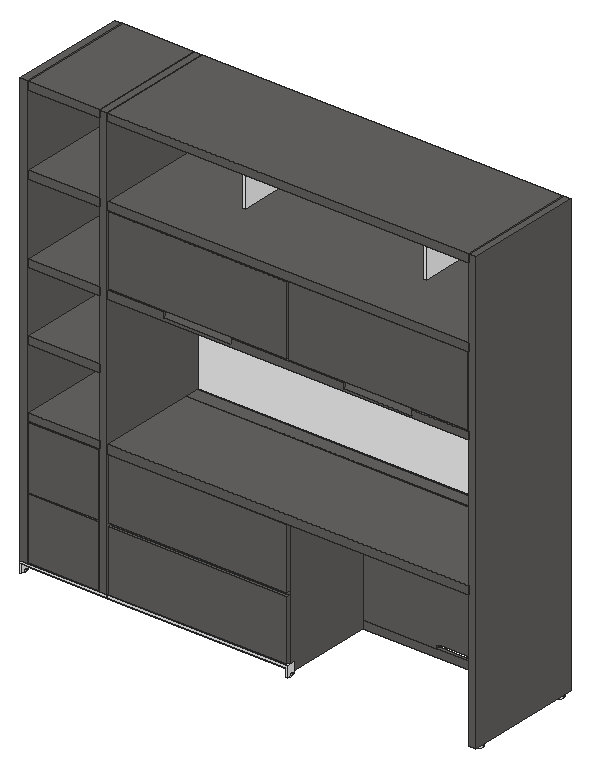
Revit family "Storage-Wall-Teknion-ZXLL_90_High_With_Lights-R2011", category Furniture Systems, Revit 2013
Parameters (values of type "(See Type Catalog)")
  Working Wall Finish [instance] = Glass - Teknion - K6 - White Backpainted
  Width = 92.642"
  Warranty = "http://www.teknionstudio.com/pdfs/Teknion%20Studio%20Warranty.pdf"
  Wall Unit Finish [instance] = Veneer - Teknion - P7 - Grey Oak
  Voltage = 120 V
  Unit Weight = 755.00 lbf
  URL = "www.teknionstudio.com"
  Tabletop Cutout Offset = if(Has Double Doors, 0", 4")  # 4"
  Storage Tower = Storage-Unit-Teknion-Tower : Upper Shelves & File/File Pedestal
  Series = "B&B Italia"
  Product Page URL = "http://www.teknionstudio.com/acexecutive/"
  Product Line = "AC Executive"
  Product Documentation Link = "http://www.teknionstudio.com/pricing/ac_executive_storage_walls_ppg.pdf"
  Power Factor = 1
  Part Number = "ZXLL"
  Number of Poles = 1
  Model = ""
  Manufacturer Phone = "919-464-2920"
  Manufacturer Fax = "919-464-2927"
  Manufacturer Email = "customersupport@teknionstudio.com"
  Manufacturer Address = "3940 US 70 Business HWY West, Clayton, NC 27520"
  Manufacturer = "Teknion Studio"  # constant formula
  Low Emitting Material = yes
  Low Emitting Finish = yes
  Height = 89 123/128"
  Has File File Drawers = not(Has Double Doors)  # yes
  Has Double Doors = no
  Description = ""
  Depth = 24"
  Assembly Code = "E2020200"
  Apparent Load = 22.8 VA
Reference planes (in)
  plane 1 "Center F/B": y = 0
  plane 2: z = 0
  plane 3 "Back": y = 12
  plane 4 "Front": y = -12
  plane 5 "Cabinets Top": z = 73.80469
  plane 6: x = 28.60446
  plane 7: z = 29.68402
  plane 8: z = 56.1289
  plane 9: x = -44.7815
  plane 10: z = 2.1289
  plane 11: x = -8.08858
  plane 12 "Foot Centerline": y = -11.2126
  plane 13 "Tabletop Cutout": y = -16
  plane 14 "Foot Centerline Front": y = -10.22835
  plane 15 "Foot Centerline Back": y = 10.22835
  plane 16: y = -8.484
  plane 17 "Left": x = -62.49817
  plane 18 "Right": x = 30.14383
  plane 19 "Center L/R": x = -16.17717
  plane 20 "Top": z = 89.96094
Forms (in)
  Sweep 1, solid, material "Veneer - Teknion - P7 - Grey Oak" <- "Wall Unit Finish"
    path origin (0, 0, 15.40683) x (-1, 0, 0) y (0, -1, 0)
      loop
        line (0, -12) -> (0, 12)
    profile origin (0, 0, 15.40683) x (1, 0, 0) y (0, 0, 1)
      loop
        line (30.14383, -14.81732) -> (30.14383, 74.55411) -> (28.60446, 74.55411) -> (28.60446, -14.81732) -> (30.14383, -14.81732)
  Sweep 2, solid, material "Metal - Teknion - C6 - Chrome"
    path origin (0, 0, 0) x (1, 0, 0) y (0, 0, 1)
      loop
        line (-8.08858, 0.05803) -> (-8.08858, 2.1289) -> (-44.7815, 2.1289)
    profile origin (-26.43504, 0, 2.1289) x (0, 0, -1) y (0, -1, 0)
      loop
        line (0, 12) -> (0, 10.4252) -> (0.394, 10.4252) -> (0.394, 12) -> (0, 12)
  Sweep 3, solid, material "Metal - Teknion - C6 - Chrome"
    path origin (0, 0, 0) x (1, 0, 0) y (0, 0, 1)
      loop
        line (-44.7815, 2.1289) -> (-8.08858, 2.1289)
    profile origin (-26.43504, 0, 2.1289) x (0, 0, 1) y (0, -1, 0)
      loop
        line (-0.394, 10.6222) -> (-1.5748, 10.6222) -> (-1.5748, 10.4252) -> (-0.394, 10.4252) -> (-0.394, 10.6222)
  Revolve 4, solid, material "Metal - Teknion - C6 - Chrome"
    sketch origin (0.39385, -11.2126, 0) x (0, 0, -1) y (1, 0, 0)
      loop
        line (-0.4911, -8.67943) -> (0, -8.67943) -> (0, -8.34479) -> (-0.03937, -8.30542) -> (-0.20618, -8.30542) -> (-0.24555, -8.34479) -> (-0.28492, -8.30542) -> (-0.45173, -8.30542) -> (-0.4911, -8.34479) -> (-0.4911, -8.67943)
      axis (0, -8.67943) -> (-0.4911, -8.67943)
    angle from 0 to 360
  Sweep 5, solid, material "Veneer - Teknion - P7 - Grey Oak" <- "Wall Unit Finish"
    path origin (0, 0, 0) x (1, 0, 0) y (0, 0, 1)
      loop
        line (-44.7815, 29.68402) -> (28.60446, 29.68402)
    profile origin (-8.08852, 0, 29.68402) x (0, 0, 1) y (0, -1, 0)
      loop
        line (0, 12) -> (-1.7638, 12) -> (-1.7638, -7.11393) -> (-5.30827, -7.11393) -> (-5.30827, -7.08268) -> (-27.55512, -7.08268) -> (-27.55512, -7.11393) -> (-29.0945, -7.11393) -> (-29.0945, -7.80668) -> (-5.30828, -7.80668) -> (-5.30828, -12) -> (44.12067, -12) -> (44.12067, 12) -> (42.58097, 12) -> (42.58097, 11.2126) -> (27.98392, 11.2126) -> (27.98392, 12) -> (26.44488, 12) -> (26.44488, -10.94094) -> (0, -10.94094) -> (0, -10.90969) -> (-0.72441, -10.90969) -> (-0.72441, -10.56693) -> (0, -10.56693) -> (0, -8.05709) -> (-0.72441, -8.05709) -> (-0.72441, -7.80709) -> (0, -7.80709) -> (0, 12)
      loop
        line (60.27692, -12) -> (60.27692, 12) -> (58.73755, 12) -> (58.73755, -12) -> (60.27692, -12)
  Sweep 6, solid, material "Veneer - Teknion - P7 - Grey Oak" <- "Wall Unit Finish"
    path origin (0, 0, 0) x (1, 0, 0) y (0, 0, 1)
      loop
        line (-44.7815, 29.68402) -> (-8.08858, 29.68402)
    profile origin (-26.43504, 0, 29.68402) x (0, 0, 1) y (0, -1, 0)
      loop
        line (-1.7638, 11.27559) -> (-27.55512, 11.27559) -> (-27.55512, 10.4252) -> (-29.0945, 10.4252) -> (-29.0945, -12) -> (-1.7638, -12) -> (-1.7638, 11.27559)
  Sweep 7, solid, material "Veneer - Teknion - P7 - Grey Oak" <- "Wall Unit Finish"
    path origin (0, 0, 15.40683) x (-1, 0, 0) y (0, -1, 0)
      loop
        line (16.17717, 12) -> (16.17717, 11.276)
    profile origin (-16.17717, -11.638, 15.40683) x (-1, 0, 0) y (0, 0, 1)
      loop
        line (28.35433, 42.50186) -> (28.35433, 56.60815) -> (-7.96358, 56.60815) -> (-7.96358, 42.50186) -> (28.35433, 42.50186)
      loop
        line (-8.21358, 56.60815) -> (-44.53163, 56.60815) -> (-44.53163, 42.50186) -> (-8.21358, 42.50186) -> (-8.21358, 56.60815)
  Sweep 8, solid, material "Veneer - Teknion - P7 - Grey Oak" <- "Wall Unit Finish", visible <- "Has Double Doors"
    path origin (0, 0, 15.40683) x (-1, 0, 0) y (0, -1, 0)
      loop
        line (16.17717, 12) -> (16.17717, 11.276)
    profile origin (-16.17717, -11.638, 15.40683) x (-1, 0, 0) y (0, 0, 1)
      loop
        line (-7.83845, 12.26339) -> (-7.83845, -13.03482) -> (10.15274, -13.03482) -> (10.15274, 12.26339) -> (-7.83845, 12.26339)
      loop
        line (10.40274, 12.26339) -> (10.40274, -13.03482) -> (28.35446, -13.03482) -> (28.35446, 12.26339) -> (10.40274, 12.26339)
  Sweep 9, solid, material "Veneer - Teknion - P7 - Grey Oak" <- "Wall Unit Finish", visible <- "Has File File Drawers"
    path origin (0, 0, 15.40683) x (-1, 0, 0) y (0, -1, 0)
      loop
        line (16.17717, 12) -> (16.17717, 11.276)
    profile origin (-16.17717, -11.638, 15.40683) x (-1, 0, 0) y (0, 0, 1)
      loop
        line (-7.83845, 12.26339) -> (-7.83845, 0.01144) -> (28.35446, 0.01144) -> (28.35446, 12.26339) -> (-7.83845, 12.26339)
      loop
        line (28.35446, -0.77597) -> (-7.83845, -0.77597) -> (-7.83845, -13.03482) -> (28.35446, -13.03482) -> (28.35446, -0.77597)
  Sweep 10, void
    path origin (0, 0, 0) x (1, 0, 0) y (0, 0, 1)
      loop
        line (-33.34466, 29.68402) -> (-19.56514, 29.68402)
    profile origin (-26.4549, 0, 29.68402) x (0, 0, 1) y (0, -1, 0)
      loop
        line (-1.7638, 16) -> (-1.7638, 15.52756) -> (-0.66143, 16) -> (-1.7638, 16)
  Sweep 11, void
    path origin (0, 0, 0) x (1, 0, 0) y (0, 0, 1)
      loop
        line (-33.3248, 56.1289) -> (-19.54528, 56.1289)
    profile origin (-26.43504, 0, 56.1289) x (0, 0, 1) y (0, -1, 0)
      loop
        line (1.53937, 12) -> (0.43699, 12) -> (1.53937, 11.52755) -> (1.53937, 12)
  Sweep 12, void
    path origin (0, 0, 0) x (1, 0, 0) y (0, 0, 1)
      loop
        line (3.36811, 56.1289) -> (17.14764, 56.1289)
    profile origin (10.25787, 0, 56.1289) x (0, 0, 1) y (0, -1, 0)
      loop
        line (1.53937, 11.52755) -> (1.53937, 12) -> (0.43699, 12) -> (1.53937, 11.52755)
  Sweep 13, void
    path origin (0, 0, 0) x (1, 0, 0) y (0, 1, 0)
      loop
        line (0, 7.80668) -> (0, 7.08268)
    profile origin (0, 7.44468, 0) x (1, 0, 0) y (0, 0, 1)
      loop
        line (6.83281, 24.37575) -> (6.83281, 23.51079)
        arc (6.83281, 23.51079) -> (7.06344, 22.95401) -> (7.62021, 22.72339) r 0.7874
        line (7.62021, 22.72339) -> (12.93517, 22.72339)
        arc (12.93517, 22.72339) -> (13.49195, 22.95401) -> (13.72257, 23.51079) r 0.7874
        line (13.72257, 23.51079) -> (13.72257, 24.37575) -> (6.83281, 24.37575)
      loop
        line (13.72257, 2.1289) -> (13.72257, 2.28638)
        arc (13.72257, 2.28638) -> (13.50348, 2.81532) -> (12.97454, 3.03441) r 0.74803
        line (12.97454, 3.03441) -> (7.58084, 3.03441)
        arc (7.58084, 3.03441) -> (7.0519, 2.81532) -> (6.83281, 2.28638) r 0.74803
        line (6.83281, 2.28638) -> (6.83281, 2.1289) -> (13.72257, 2.1289)
  Sweep 14, solid, material "Acrylic - Teknion - Clear"
    path origin (0.48659, 0, 36.8108) x (-1, 0, 0) y (0, -1, 0)
      loop
        line (16.66376, -11.25197) -> (16.66376, 0.16535)
    profile origin (-16.17717, 5.54331, 36.8108) x (1, 0, 0) y (0, 0, 1)
      loop
        line (-10.56841, 51.60058) -> (-10.56841, 36.99388) -> (-9.97392, 36.99388) -> (-9.97392, 51.60058) -> (-10.56841, 51.60058)
      loop
        line (26.15108, 51.60058) -> (26.15108, 36.99388) -> (26.74557, 36.99388) -> (26.74557, 51.60058) -> (26.15108, 51.60058)
  Revolve 15, solid, material "Metal - Teknion - C6 - Chrome"
    sketch origin (0, -10.22835, 0) x (0, 0, 1) y (1, 0, 0)
      loop
        line (0, 29.37415) -> (0, 28.63616) -> (0.23622, 28.63616) -> (0.23622, 29.09181) -> (0.58951, 29.09181) -> (0.58951, 29.37415) -> (0, 29.37415)
      axis (0.58951, 29.37415) -> (0, 29.37415)
    angle from 0 to 360
  Revolve 16, solid, material "Metal - Teknion - C6 - Chrome"
    sketch origin (0, 10.22835, 0) x (0, 0, 1) y (1, 0, 0)
      loop
        line (0, 29.37415) -> (0, 28.63616) -> (0.23622, 28.63616) -> (0.23622, 29.09181) -> (0.58951, 29.09181) -> (0.58951, 29.37415) -> (0, 29.37415)
      axis (0.58951, 29.37415) -> (0, 29.37415)
    angle from 0 to 360
Cuts and joins
  joined: Sweep 2, Sweep 3, Revolve 4
  Sweep 10, Sweep 11, Sweep 12, Sweep 13 cuts Sweep 5
  joined: Sweep 5, Sweep 6
Lines and regions (in)
  Masking region 1
    outline origin (0, 0, 15.40683) x (-1, 0, 0) y (0, -1, 0)
      loop
        line (44.7815, -12) -> (44.7815, 12) -> (-30.14383, 12) -> (-30.14383, -12) -> (44.7815, -12)
  symbolic lines, style "Elevation Swing"
    curve 1: line (-44.7815, -12, 57.66827) -> (-26.43504, -12, 72.01499)
    curve 2: line (-8.08858, -12, 57.66832) -> (-26.43504, -12, 72.01499)
    curve 3: line (-8.08858, 0, 57.66832) -> (10.25794, 0, 72.18658)
    curve 4: line (10.25794, 0, 72.18658) -> (28.60446, 0, 57.66827)
  symbolic lines, style "Elevation Swing", visible <- "Has Double Doors"
    curve 5: line (-26.5799, 0, 27.67022) -> (-44.53163, 0, 15.02111)
    curve 6: line (-44.53163, 0, 15.02111) -> (-26.5799, 0, 2.37201)
    curve 14: line (-26.3299, 0, 2.37201) -> (-8.33872, 0, 15.02111)
    curve 15: line (-26.3299, 0, 27.67022) -> (-8.33872, 0, 15.02111)
  symbolic lines, detail levels medium+fine
    curve 7: line (28.60446, 12, 15.40683) -> (28.60446, -12, 15.40683)
  symbolic lines, style "FurnitureSystemsHiddenLines", detail levels fine
    curve 8: line (-8.08858, -11.276, 15.40683) -> (-44.7815, -11.276, 15.40683)
    curve 13: line (-8.08858, 12, 15.40683) -> (-8.08858, -12, 15.40683)
  symbolic lines, visible <- "Has Double Doors"
    curve 9: arc (-26.43497, -12, 15.40683) -> (-21.06144, -24.97286, 15.40683) -> (-8.08858, -30.34639, 15.40683) r 18.34639
    curve 10: line (-44.7815, -12, 15.40683) -> (-44.7815, -30.34652, 15.40683)
    curve 11: line (-8.08858, -12, 15.40683) -> (-8.08858, -30.34639, 15.40683)
    curve 12: arc (-44.7815, -30.34652, 15.40683) -> (-31.80854, -24.97295, 15.40683) -> (-26.43497, -12, 15.40683) r 18.34652
Dimensions and locks (in)
  plane 17 "Left" to plane 18 "Right" = 92.642"
  equal spacing: plane 3 "Back", plane 1 "Center F/B", plane 4 "Front"
  "Depth": plane 3 "Back" to plane 4 "Front"
  "Height": plane 20 "Top" to plane 2
  locked: plane 7 to plane 2 at 29.68402
  locked: plane 8 to plane 7 at 26.44488
  locked: plane 10 to plane 2 at 2.1289
  locked: plane 10 to Sweep 3 sketch curve at 0.394
  locked: Sweep 3 sketch curve to Sweep 3 sketch curve at 1.1808
  plane 4 "Front" to Sweep 3 sketch curve to Sweep 3 sketch curve = 1.3778" locked, 0.197" locked
  locked: plane 4 "Front" to plane 12 "Foot Centerline" at 0.7874
  locked: plane 10 to Sweep 5 sketch curve at 1.53939
  locked: plane 7 to Sweep 5 sketch curve at 1.7638
  Sweep 6 sketch curve to Sweep 6 sketch curve to plane 3 "Back" = 23.27559", 0"
  locked: plane 7 to Sweep 6 sketch curve at 1.7638
  locked: plane 4 "Front" to Sweep 6 sketch curve at 1.5748
  locked: plane 4 "Front" to Sweep 7 sketch curve at 0.724
  plane 5 "Cabinets Top" to Sweep 7 sketch curve to Sweep 7 sketch curve = 1.7897" locked, 14.1063" locked  (x2)
  Sweep 7 sketch curve to Sweep 7 sketch curve to Sweep 7 sketch curve to Sweep 7 sketch curve = 36.31805", 1/4", 36.31791"
  locked: plane 4 "Front" to Sweep 8 sketch curve at 0.724
  locked: plane 4 "Front" to Sweep 9 sketch curve at 0.724
  locked: Sweep 10 sketch curve to Sweep 10 sketch curve at 13.77953
  locked: plane 7 to Sweep 10 sketch curve at 1.7638
  locked: plane 13 "Tabletop Cutout" to Sweep 10 sketch curve at 0.47244
  "Tabletop Cutout Offset": plane 13 "Tabletop Cutout" to plane 4 "Front"
  locked: Sweep 11 sketch curve to Sweep 11 sketch curve at 13.77953
  locked: Sweep 11 sketch curve to plane 8 at 1.53937
  locked: Sweep 11 sketch curve to plane 8 at 0.43699
  locked: plane 4 "Front" to Sweep 11 sketch curve at 0.47245
  Sweep 12 sketch curve to Sweep 12 sketch curve to plane 8 = 1.10238" locked, 0.43699" locked
  locked: plane 4 "Front" to Sweep 12 sketch curve at 0.47245
  plane 3 "Back" to Sweep 13 sketch curve to Sweep 13 sketch curve = 4.19332" locked, 0.724" locked
  equal spacing: plane 11, curve 2, plane 9
  equal spacing: plane 6, curve 4, plane 11
  locked: plane 4 "Front" to curve 8 at 0.724
  locked: plane 3 "Back" to plane 15 "Foot Centerline Back" at 1.77165
  locked: plane 4 "Front" to plane 14 "Foot Centerline Front" at 1.77165
  locked: plane 4 "Front" to plane 16 at 3.516
  locked: plane 17 "Left" to plane 9 at 17.71667
  locked: Sweep 8 sketch curve to Sweep 8 sketch curve at 25.29821  (x2)
  Sweep 8 sketch curve to Sweep 8 sketch curve to Sweep 8 sketch curve to Sweep 8 sketch curve = 17.95173" locked, 1/4" locked, 17.99118" locked
  Sweep 9 sketch curve to Sweep 9 sketch curve to Sweep 9 sketch curve to Sweep 9 sketch curve = 12.25195" locked, 0.7874" locked, 12.25886" locked
  locked: Sweep 9 sketch curve to Sweep 9 sketch curve at 36.19291  (x2)
  curve 10 to curve 12 to plane 6 = 18.34652", 55.03944"
  locked: Sweep 13 sketch curve to Sweep 13 sketch curve at 6.88976  (x2)
  locked: Sweep 13 sketch curve to Sweep 13 sketch curve at 1.65236
  locked: Sweep 2 sketch curve to plane 2 at 0.05803
  locked: Sweep 1 sketch curve to plane 6 at 1.53937
  locked: plane 11 to Sweep 11 sketch curve at 11.45669
  Sweep 12 sketch curve to Sweep 12 sketch curve to plane 11 = 13.77953" locked, 11.45669" locked
  locked: Sweep 9 sketch curve to plane 11 at 0.25013
  locked: plane 7 to Sweep 9 sketch curve at 2.0138
  locked: plane 7 to Sweep 8 sketch curve at 2.0138  (x2)
  locked: plane 6 to plane 18 "Right" at 1.53937
  equal spacing: plane 17 "Left", plane 19 "Center L/R", plane 18 "Right"
  locked: plane 19 "Center L/R" to plane 11 at 8.08858
  locked: Sweep 7 sketch curve to plane 6 at 0.25
  plane 20 "Top" to plane 5 "Cabinets Top" = 16 5/32"
  locked: Sweep 14 sketch curve to Sweep 14 sketch curve at 11.41732
  locked: Sweep 14 sketch curve to Sweep 14 sketch curve at 0.59449  (x2)
  locked: plane 3 "Back" to Sweep 14 sketch curve at 0.74803
  locked: Sweep 14 sketch curve to plane 11 at 18.0625
  locked: Sweep 14 sketch curve to plane 5 "Cabinets Top" at 14.60669  (x2)
  locked: plane 20 "Top" to Sweep 5 sketch curve at 1.53937
  locked: plane 5 "Cabinets Top" to Sweep 5 sketch curve at 1.5397
  locked: Sweep 5 sketch curve to plane 8 at 1.53904
  equal spacing: Sweep 14 sketch curve, plane 11, Sweep 14 sketch curve
  locked: plane 10 to Sweep 2 sketch curve at 0.394
  locked: plane 4 "Front" to Sweep 2 sketch curve at 1.5748
  Revolve 4 sketch curve to Revolve 4 sketch curve to Revolve 4 sketch curve to Revolve 4 sketch curve to Revolve 4 sketch curve to Revolve 4 sketch curve to plane 2 = 0.03937" locked, 0.16681" locked, 0.03937" locked, 0.03937" locked, 0.16681" locked, 0.03937" locked
  locked: plane 11 to Revolve 4 sketch curve at 0.197
  locked: Revolve 4 sketch curve to plane 11 at 0.17702
  locked: plane 11 to Sweep 10 sketch curve at 11.47655
  locked: Sweep 13 sketch curve to plane 10 at 0.90551
  locked: plane 7 to Sweep 13 sketch curve at 5.30827
  locked: Sweep 13 sketch curve to plane 6 at 14.88189
  locked: plane 6 to Sweep 13 sketch curve at 14.88189
  locked: plane 11 to Sweep 9 sketch curve at 0.25013
  locked: plane 18 "Right" to Revolve 15 sketch curve at 0.76969
  plane 18 "Right" to Revolve 15 sketch curve to Revolve 15 sketch curve = 0.76969" locked, 0.28234" locked
  Revolve 15 sketch curve to Revolve 15 sketch curve to plane 2 = 0.35329" locked, 0.23622" locked
  locked: plane 18 "Right" to Revolve 16 sketch curve at 0.76969
  plane 18 "Right" to Revolve 16 sketch curve to Revolve 16 sketch curve = 1.05203" locked, 0.45565" locked
  Revolve 16 sketch curve to Revolve 16 sketch curve to plane 2 = 0.35329" locked, 0.23622" locked
  aligned and locked: level to plane 2
  aligned and locked: plane 3 "Back" to Sweep 1 sketch curve
  aligned and locked: plane 4 "Front" to Sweep 1 sketch curve
  aligned and locked: Sweep 2 sketch curve to plane 10
  aligned and locked: plane 10 to Sweep 2 sketch curve
  aligned and locked: Sweep 2 sketch curve to plane 4 "Front"
  aligned and locked: Sweep 3 sketch curve to plane 10
  aligned and locked: plane 9 to Sweep 5 sketch curve
  aligned and locked: plane 6 to Sweep 5 sketch curve
  aligned and locked: Sweep 5 sketch curve to plane 7  (x4)
  aligned and locked: Sweep 5 sketch curve to plane 4 "Front"  (x2)
  aligned and locked: plane 3 "Back" to Sweep 5 sketch curve  (x2)
  aligned and locked: Sweep 6 sketch curve to plane 7
  aligned and locked: plane 10 to Sweep 6 sketch curve
  aligned and locked: plane 4 "Front" to Sweep 7 sketch curve
  aligned and locked: Sweep 5 sketch curve to plane 8
  aligned and locked: plane 4 "Front" to Sweep 8 sketch curve
  aligned and locked: plane 4 "Front" to Sweep 9 sketch curve
  aligned and locked: Sweep 10 sketch curve to plane 7
  aligned and locked: plane 13 "Tabletop Cutout" to Sweep 10 sketch curve
  aligned and locked: Sweep 11 sketch curve to plane 8
  aligned and locked: Sweep 12 sketch curve to plane 8
  aligned and locked: Sweep 12 sketch curve to plane 4 "Front"
  aligned and locked: plane 9 to curve 1
  aligned and locked: plane 11 to curve 2
  aligned and locked: Sweep 7 to curve 2
  aligned and locked: plane 6 to curve 4
  aligned and locked: Masking region 1 sketch curve to plane 3 "Back"
  aligned and locked: Masking region 1 sketch curve to plane 4 "Front"
  aligned and locked: plane 3 "Back" to curve 7
  aligned and locked: plane 3 "Back" to curve 13
  aligned and locked: plane 4 "Front" to curve 13
  aligned and locked: plane 4 "Front" to Sweep 11 sketch curve
  aligned and locked: Sweep 5 sketch curve to plane 5 "Cabinets Top"
  aligned and locked: plane 12 "Foot Centerline" to Sweep 5 sketch curve
  aligned and locked: plane 4 "Front" to Sweep 5 sketch curve  (x2)
  aligned and locked: plane 4 "Front" to curve 12
  aligned: plane 8 to nested 1
  aligned: plane 11 to nested 1
  aligned and locked: nested 1 to plane 16
  aligned and locked: plane 8 to nested 1
  aligned and locked: plane 11 to nested 1
  aligned and locked: Sweep 2 sketch curve to plane 11
  aligned and locked: Sweep 1 sketch curve to plane 6
  aligned and locked: plane 10 to Sweep 13 sketch curve
  aligned and locked: Masking region 1 sketch curve to plane 18 "Right"
  aligned and locked: plane 9 to Masking region 1 sketch curve
  aligned and locked: Sweep 8 sketch curve to plane 19 "Center L/R"
  aligned and locked: plane 1 "Center F/B" to Sweep 6 sketch curve
  aligned: plane 11 to Sweep 6 sketch curve
  aligned: plane 6 to Sweep 6 sketch curve
  aligned and locked: Sweep 9 sketch curve to plane 19 "Center L/R"
  aligned and locked: Sweep 7 sketch curve to plane 19 "Center L/R"
  aligned and locked: nested 2 to plane 2
  aligned and locked: curve 6 to Sweep 8
  aligned and locked: Sweep 8 to curve 5
  aligned and locked: Sweep 8 to Sweep 8
  aligned and locked: Sweep 8 to curve 6
  aligned and locked: plane 9 to nested 2
  aligned and locked: nested 2 to plane 1 "Center F/B"
  aligned and locked: plane 19 "Center L/R" to Sweep 14 sketch curve
  aligned and locked: plane 5 "Cabinets Top" to Sweep 14 sketch curve  (x2)
  aligned and locked: Sweep 5 sketch curve to plane 20 "Top"
  aligned and locked: plane 20 "Top" to Sweep 1 sketch curve
  aligned and locked: plane 9 to Sweep 2 sketch curve
  aligned and locked: Revolve 4 sketch curve to Revolve 4 sketch curve
  aligned and locked: plane 2 to Revolve 4 sketch curve
  aligned and locked: plane 9 to Sweep 3 sketch curve
  aligned and locked: plane 11 to Sweep 3 sketch curve
  aligned and locked: plane 9 to Sweep 6 sketch curve
  aligned and locked: plane 11 to Sweep 6 sketch curve
  aligned and locked: Sweep 8 to curve 14
  aligned and locked: cut or joined group of Sweep 5, Sweep 6, Sweep 10, Sweep 11, Sweep 12, Sweep 13 to Sweep 1 sketch curve
  aligned and locked: plane 2 to Revolve 16 sketch curve
  aligned and locked: curve 11 to plane 11
  aligned and locked: curve 7 to plane 6
  aligned and locked: plane 4 "Front" to curve 7
Automatic sketch dimensions
  Sweep 6 sketch curve to plane 11 = 36.69291"
  Sweep 6 sketch curve to plane 6 = 36.69305"
  profile plane to Sweep 10 sketch curve = 0.66143"
  profile plane to Sweep 8 sketch curve = 7.83845"
  curve 3 to plane 11 = 0"
  plane 10 to curve 14 = 0.24311"
  curve 6 to curve 14 = 1/4"
  curve 15 to plane 7 = 2.0138"
  curve 5 to curve 15 = 1/4"
  plane 10 to curve 6 = 0.24311"
  plane 10 to curve 14 = 12.89222"
  plane 10 to curve 6 = 12.89222"
  curve 5 to curve 15 = 0"
  plane 8 to curve 4 = 1.53937"
  plane 8 to curve 3 = 1.53942"
  curve 3 to plane 5 "Cabinets Top" = 1.61811"
  plane 8 to curve 2 = 1.53942"
  plane 8 to curve 1 = 1.53937"
  plane 11 to Sweep 1 sketch curve = 8.08858"
  Revolve 4 sketch curve to level = 0"
  Revolve 4 sketch curve to Revolve 4 sketch curve = 0.4777"
  Revolve 4 sketch curve to Revolve 4 sketch curve = 0.03937"  (x3)
  Sweep 5 sketch curve to Sweep 5 sketch curve = 1.53939"
  Sweep 5 sketch curve to Sweep 5 sketch curve = 3.54449"
  Sweep 5 sketch curve to Sweep 5 sketch curve = 0"
  profile plane to Sweep 5 sketch curve = 0.72441"  (x2)
  Sweep 5 sketch curve to plane 1 "Center F/B" = 10.94094"
  Sweep 5 sketch curve to Sweep 5 sketch curve = 1/32"  (x2)
  Sweep 5 sketch curve to Sweep 5 sketch curve = 0.34277"
  Sweep 5 sketch curve to Sweep 5 sketch curve = 2.50984"
  Sweep 5 sketch curve to Sweep 5 sketch curve = 1/4"
  Sweep 5 sketch curve to Sweep 5 sketch curve = 4.19332"
  Sweep 5 sketch curve to Sweep 5 sketch curve = 0.69316"
  Sweep 5 sketch curve to Sweep 5 sketch curve = 0.69275"
  Sweep 6 sketch curve to Sweep 6 sketch curve = 1.53939"
  plane 11 to Sweep 13 sketch curve = 8.08858"
  Sweep 13 sketch curve to Sweep 13 sketch curve = 0.74803"  (x2)
  Sweep 13 sketch curve to Sweep 13 sketch curve = 0.7874"  (x2)
  Revolve 15 sketch curve to level = 0"
  Revolve 15 sketch curve to level = 0.14033"
  Revolve 15 sketch curve to Revolve 15 sketch curve = 0.17201"
  plane 6 to Revolve 15 sketch curve = 0.03169"
  Revolve 16 sketch curve to level = 0.60556"
  Revolve 16 sketch curve to Revolve 16 sketch curve = 0.7057"
  Revolve 16 sketch curve to Revolve 16 sketch curve = 0"
  plane 4 "Front" to curve 10 = 0"
  curve 9 to curve 12 = 0"
  curve 8 to plane 9 = 0"
Nested families (in)
  nested 1: "Lighting-Teknion-Storage_Wall" at (-8.08858, 0.12401, 56.1289), type "Lighting-Teknion-Storage_Wall"
  nested 2: "Storage-Unit-Teknion-Tower" at (-53.63976, 0, 0) x (-1, 0, 0) z (0, 0, 1), type <- "Storage Tower", Height <- "Height", type "Upper Shelves & File/File Pedestal"
    with Height 89 123/128", Has Top Shelf yes, Bottom Drawer Height 13.047"
Connectors (in)
  electrical at (-8.08854, 12, 32.92331), driven by "Number of Poles", driven by "Voltage", driven by "Apparent Load", driven by "Power Factor"
    settings: on cut or joined group of Sweep 5, Sweep 6, Sweep 10, Sweep 11, Sweep 12, Sweep 13, index 1, voltage 120 V, apparent load 0 VA, apparent load phase1 22.8 VA, apparent load phase2 0 VA, apparent load phase3 0 VA, power factor 1, load classification "Other", number of poles 1, system type 31, power factor state 1, is connector primary yes, connector utility no, sub classification motor no, connector description "Electrical Connector"
Definition of nested family "Lighting-Teknion-Storage_Wall"
  Parameters (values of type "Lighting-Teknion-Storage_Wall")
    Wattage = 4.03926 W
    built-in parameter 1150110 = 1 (stored number, unit not read)
    built-in parameter 1114217 = 1 (stored number, unit not read)
    built-in parameter 1150109 = 1 (stored number, unit not read)
    built-in parameter 1150134 = 1
    built-in parameter 1150113 = 1 (stored number, unit not read)
    Offset From Reference Level = 0"
    Lumens = 600 lm
    built-in parameter 1150115 = 1 (stored number, unit not read)
    built-in parameter 1150105 = 190.99 (stored number, unit not read)
    Light Source Symbol Size = 3"
    built-in parameter 1150137 = (empty or 0)
    built-in parameter 1150139 = (empty or 0)
    built-in parameter 1150112 = 1 (stored number, unit not read)
    built-in parameter 1150114 = 1 (stored number, unit not read)
    built-in parameter 1150132 = 2
    built-in parameter 1150102 = (empty or 0)
    built-in parameter 1150138 = (empty or 0)
    built-in parameter 1150107 = 6500 (stored number, unit not read)
    built-in parameter 1150106 = 1.9099 (stored number, unit not read)
    Emit from Line Length = 68"
    built-in parameter 1150104 = 13.8 (stored number, unit not read)
    Dimming Lamp Color Temperature Shift = 1
    Default Elevation = 48"
    Color Filter = 16776172
    built-in parameter 1114218 = 1 (stored number, unit not read)
    built-in parameter 1150133 = 10 (stored number, unit not read)
    Assembly Code = ""
  Reference planes (in)
    plane 1 "Light Source Axis (F/B)": y = -8.60801
    plane 2: z = 0
    plane 3 "Light Source Axis (L/R)": x = 0
    plane 4 "Light Source Elevation": z = 0
    plane 5: z = 0
    plane 6: x = -36.6875
    plane 7: x = 36.6875
  Forms (in)
    Sweep 1, solid, material "Glass - Teknion - CL - Clear"
      path origin (0, 0, 0) x (1, 0, 0) y (0, 1, 0)
        loop
          line (-36.6875, -8.60801) -> (36.6875, -8.60801)
      profile origin (0, -8.60801, 0) x (0, 1, 0) y (0, 0, 1)
        loop
          line (-0.51562, 0) -> (-0.51562, -0.40625) -> (0.51563, -0.40625) -> (0.51563, 0) -> (-0.51562, 0)
  Dimensions and locks (in)
    equal spacing: plane 7, plane 3 "Light Source Axis (L/R)", plane 6
    locked: plane 7 to plane 6 at 73.375
    locked: plane 5 to Sweep 1 sketch curve at 0.40625
    equal spacing: Sweep 1 sketch curve, plane 1 "Light Source Axis (F/B)", Sweep 1 sketch curve
    locked: Sweep 1 sketch curve to Sweep 1 sketch curve at 1.03125
    aligned and locked: plane 3 "Light Source Axis (L/R)" to imposter light
    aligned and locked: plane 1 "Light Source Axis (F/B)" to imposter light
    aligned and locked: plane 4 "Light Source Elevation" to imposter light
    aligned and locked: level to plane 5
    aligned and locked: plane 5 to plane 2
    aligned and locked: plane 6 to Sweep 1 sketch curve
    aligned and locked: plane 7 to Sweep 1 sketch curve
    aligned and locked: plane 1 "Light Source Axis (F/B)" to Sweep 1 sketch curve
    aligned and locked: Sweep 1 sketch curve to profile plane
Definition of nested family "Storage-Unit-Teknion-Tower"
  Parameters (values of type "Upper Wardrobe & Lower Door")
    Width = 17.71654"
    Warranty = "http://www.teknionstudio.com/pdfs/Teknion%20Studio%20Warranty.pdf"
    Wall Unit Finish = Veneer - Teknion - P8 - Light Brushed Oak
    URL = "www.teknionstudio.com"
    Series = "B&B Italia"
    Product Line = "AC Executive"
    Model = ""
    Middle Drawer Height = if(Has Top Drawer, 6.425", 12.719")  # 12.719"
    Manufacturer Phone = "919-464-2920"
    Manufacturer Fax = "919-464-2927"
    Manufacturer Email = "customersupport@teknionstudio.com"
    Manufacturer Address = "3940 US 70 Business HWY West, Clayton, NC 27520"
    Manufacturer = "Teknion Studio"  # constant formula
    Height [instance] = 73.81394"
    Has Top Shelf [instance] = and(Height > 75", Has Shelves)  # no
    Has Top Drawer = no
    Has Top Door = yes
    Has Shelves = no
    Has Right Leg = yes
    Has Middle Drawer = no
    Has Lower Shelf = yes
    Has Left Leg = no
    Has Full Wardrobe Door = no
    Has Doors = yes
    Door Projection Symbol = yes
    Description = "Tower Storage Unit"
    Depth = 24"
    Bottom Drawer Height [instance] = if(Has Middle Drawer, 13.047", if(Has Top Drawer, 13.047", if(Has Full Wardrobe Door, (Height - 3.668"), 26.016")))  # 26.016"
    Assembly Code = "E2010200"
  Types (7): name | Wall Unit Finish | Series | Product Line | Middle Drawer Height | Has Top Drawer | Has Top Door | Has Shelves | Has Middle Drawer | Has Lower Shelf | Has Full Wardrobe Door | Has Doors | Door Projection Symbol | Bottom Drawer Height
    Upper Shelves & Lower Door | none | "AC Executive" | "" | 12.719" | no | no | yes | no | yes | no | yes | yes | 26.016"
    Upper Shelves & File/File Pedestal | none | "AC Executive" | "" | 12.719" | no | no | yes | yes | yes | no | no | no | 13.047"
    Upper Shelves & Box/Box/File Pedestal | Veneer - Teknion - P8 - Light Brushed Oak | "AC Executive" | "" | 6.425" | yes | no | yes | yes | yes | yes | no | no | 13.047"
    Full Wardrobe | none | "AC Executive" | "" | 12.719" | no | no | no | no | no | yes | yes | yes | 70.14594"
    Upper Wardrobe & Lower Door | Veneer - Teknion - P8 - Light Brushed Oak | "B&B Italia" | "AC Executive" | 12.719" | no | yes | no | no | yes | no | yes | yes | 26.016"
    Upper Wardrobe & File/File Pedestal | none | "AC Executive" | "" | 12.719" | no | yes | no | yes | yes | no | no | yes | 13.047"
    Upper Wardrobe & Box/Box/File Pedestal | none | "AC Executive" | "" | 6.425" | yes | yes | no | yes | yes | no | no | yes | 13.047"
  Reference planes (in)
    plane 1 "Center F/B": y = 0
    plane 2: z = 0
    plane 3 "Center L/R": x = 0
    plane 4 "Left": x = -8.85827
    plane 5 "Right": x = 8.85827
    plane 6 "Back": y = 12
    plane 7 "Front": y = -12
    plane 8 "Top": z = 73.81394
    plane 9: x = -7.3189
    plane 10: x = 7.3189
    plane 11: z = 2.1289
    plane 12 "Foot Centerline": y = -11.2126
    plane 13: z = 29.68402
    plane 14 "Drawer 1 Top": z = 28.1449
    plane 15 "Drawer 2 Top": z = 40.8639
    plane 16 "Drawer 3 Top": z = 27.89502
    plane 17: z = 42.13677
  Forms (in)
    Sweep 1, solid, material "Metal - Teknion - C6 - Chrome", visible <- "Has Left Leg"
      path origin (0, -12, 0) x (1, 0, 0) y (0, 0, 1)
        loop
          line (-8.85827, 1.7349) -> (-8.85827, 0.05803)
      profile origin (-8.85827, -12, 0.89646) x (0, -1, 0) y (1, 0, 0)
        loop
          line (-1.5748, 0) -> (0, 0) -> (0, 0.394) -> (-1.5748, 0.394) -> (-1.5748, 0)
    Sweep 2, solid, material "Metal - Teknion - C6 - Chrome"
      path origin (0, -12, 0) x (1, 0, 0) y (0, 0, 1)
        loop
          line (-8.85827, 2.1289) -> (8.46427, 2.1289)
      profile origin (-0.197, -12, 2.1289) x (0, 0, 1) y (0, -1, 0)
        loop
          line (-0.394, -1.5748) -> (-0.394, -1.3778) -> (-1.575, -1.3778) -> (-1.575, -1.5748) -> (-0.394, -1.5748)
    Revolve 3, solid, material "Metal - Teknion - C6 - Chrome"
      sketch origin (0, -11.2126, 0) x (0, 0, -1) y (1, 0, 0)
        loop
          line (-0.4911, 8.32677) -> (-0.45173, 8.2874) -> (-0.28492, 8.2874) -> (-0.24555, 8.32677) -> (-0.20618, 8.2874) -> (-0.03937, 8.2874) -> (0, 8.32677) -> (0, 8.66142) -> (-0.4911, 8.66142) -> (-0.4911, 8.32677)
        axis (0, 8.66142) -> (-0.4911, 8.66142)
      angle from 0 to 360
    Revolve 4, solid, material "Metal - Teknion - C6 - Chrome", visible <- "Has Left Leg"
      sketch origin (0, -11.2126, 0) x (0, 0, -1) y (1, 0, 0)
        loop
          line (0, -8.99606) -> (0, -8.66142) -> (-0.4911, -8.66142) -> (-0.4911, -8.99606) -> (-0.45173, -9.03543) -> (-0.28492, -9.03543) -> (-0.24555, -8.99606) -> (-0.20618, -9.03543) -> (-0.03937, -9.03543) -> (0, -8.99606)
        axis (0, -8.66142) -> (-0.4911, -8.66142)
      angle from 0 to 360
    Sweep 5, solid, material "Veneer - Teknion - P8 - Light Brushed Oak" <- "Wall Unit Finish"
      path origin (0, 0, 0) x (1, 0, 0) y (0, 0, 1)
        loop
          line (0, 2.1289) -> (0, 73.81394)
      profile origin (0, 0, 37.97142) x (-1, 0, 0) y (0, -1, 0)
        loop
          line (8.85827, -12) -> (8.85827, 12) -> (7.3189, 12) -> (7.3189, -12) -> (8.85827, -12)
        loop
          line (-7.3189, 12) -> (-8.85827, 12) -> (-8.85827, -12) -> (-7.3189, -12) -> (-7.3189, 12)
    Sweep 6, solid, material "Veneer - Teknion - P8 - Light Brushed Oak" <- "Wall Unit Finish"
      path origin (0, 0, 15.40683) x (-1, 0, 0) y (0, -1, 0)
        loop
          line (0, -12) -> (0, 12)
      profile origin (0, 0, 15.40683) x (1, 0, 0) y (0, 0, 1)
        loop
          line (-7.3189, 58.4071) -> (-7.3189, 56.86773) -> (7.3189, 56.86773) -> (7.3189, 58.4071) -> (-7.3189, 58.4071)
    Sweep 7, solid, material "Veneer - Teknion - P8 - Light Brushed Oak" <- "Wall Unit Finish"
      path origin (0, -12, 0) x (1, 0, 0) y (0, 0, 1)
        loop
          line (0, 2.1289) -> (0, 72.27457)
      profile origin (0, -12, 37.20173) x (-1, 0, 0) y (0, -1, 0)
        loop
          line (7.3189, -24) -> (7.3189, -23.25) -> (-7.3189, -23.25) -> (-7.3189, -24) -> (7.3189, -24)
    Sweep 8, solid, material "Veneer - Teknion - P8 - Light Brushed Oak" <- "Wall Unit Finish", visible <- "Has Lower Shelf"
      path origin (0, -12, 0) x (1, 0, 0) y (0, 0, 1)
        loop
          line (-7.3189, 29.68402) -> (7.3189, 29.68402)
      profile origin (0, -12, 29.68402) x (0, 0, 1) y (0, -1, 0)
        loop
          line (0, 0) -> (-1.539, 0) -> (-1.539, -0.724) -> (-27.55512, -0.724) -> (-27.55512, -23.25) -> (0, -23.25) -> (0, 0)
    Sweep 9, solid, material "Veneer - Teknion - P8 - Light Brushed Oak" <- "Wall Unit Finish"
      path origin (0, -12, 0) x (1, 0, 0) y (0, 0, 1)
        loop
          line (0, 2.3789) -> (0, 27.8949)
      profile origin (0, -12, 15.1369) x (-1, 0, 0) y (0, -1, 0)
        loop
          line (7.0689, -0.724) -> (7.0689, 0) -> (-7.0689, 0) -> (-7.0689, -0.724) -> (7.0689, -0.724)
    Sweep 10, solid, material "Veneer - Teknion - P8 - Light Brushed Oak" <- "Wall Unit Finish", visible <- "Has Middle Drawer"
      path origin (0, -12, 0) x (1, 0, 0) y (0, 0, 1)
        loop
          line (0, 28.1449) -> (0, 40.8639)
      profile origin (0, -12, 34.5044) x (-1, 0, 0) y (0, -1, 0)
        loop
          line (7.0689, -0.724) -> (7.0689, 0) -> (-7.0689, 0) -> (-7.0689, -0.724) -> (7.0689, -0.724)
    Sweep 11, solid, material "Veneer - Teknion - P8 - Light Brushed Oak" <- "Wall Unit Finish", visible <- "Has Top Drawer"
      path origin (0, -12, 0) x (1, 0, 0) y (0, 0, 1)
        loop
          line (0, 47.15802) -> (0, 41.1139)
      profile origin (0, -12, 44.13596) x (0, -1, 0) y (1, 0, 0)
        loop
          line (0, 7.0689) -> (-0.724, 7.0689) -> (-0.724, -7.0689) -> (0, -7.0689) -> (0, 7.0689)
    Sweep 12, solid, material "Veneer - Teknion - P8 - Light Brushed Oak" <- "Wall Unit Finish", visible <- "Has Shelves"
      path origin (0, -12, 0) x (1, 0, 0) y (0, 0, 1)
        loop
          line (0, 42.13677) -> (0, 43.67614)
      profile origin (0, -12, 42.90646) x (-1, 0, 0) y (0, -1, 0)
        loop
          line (7.3189, -23.25) -> (7.3189, 0) -> (-7.3189, 0) -> (-7.3189, -23.25) -> (7.3189, -23.25)
    Sweep 13, solid, material "Veneer - Teknion - P8 - Light Brushed Oak" <- "Wall Unit Finish", visible <- "Has Shelves"
      path origin (0, -12, 13.9918) x (1, 0, 0) y (0, 0, 1)
        loop
          line (0, 42.13677) -> (0, 43.67614)
      profile origin (0, -12, 56.89825) x (-1, 0, 0) y (0, -1, 0)
        loop
          line (7.3189, -23.25) -> (7.3189, 0) -> (-7.3189, 0) -> (-7.3189, -23.25) -> (7.3189, -23.25)
    Sweep 14, solid, material "Veneer - Teknion - P8 - Light Brushed Oak" <- "Wall Unit Finish", visible <- "Has Top Door"
      path origin (0, -12, 0) x (1, 0, 0) y (0, 0, 1)
        loop
          line (0, 29.93402) -> (0, 72.02457)
      profile origin (0, -12, 50.97929) x (-1, 0, 0) y (0, -1, 0)
        loop
          line (7.0689, -0.724) -> (7.0689, 0) -> (-7.0689, 0) -> (-7.0689, -0.724) -> (7.0689, -0.724)
    Sweep 15, solid, material "Veneer - Teknion - P8 - Light Brushed Oak" <- "Wall Unit Finish"
      path origin (0, -12, 0) x (1, 0, 0) y (0, 0, 1)
        loop
          line (-8.85827, 2.1289) -> (8.85827, 2.1289)
      profile origin (0, -12, 2.1289) x (0, 0, 1) y (0, -1, 0)
        loop
          line (0, -1.5748) -> (-1.53937, -1.5748) -> (-1.53937, -24) -> (0, -24) -> (0, -1.5748)
    Sweep 16, solid, material "Veneer - Teknion - P8 - Light Brushed Oak" <- "Wall Unit Finish", visible <- "Has Top Shelf"
      path origin (0, 0, 0) x (1, 0, 0) y (0, 0, 1)
        loop
          line (0, 73.81394) -> (0, 72.27457)
      profile origin (0, 0, 73.04425) x (0, -1, 0) y (1, 0, 0)
        loop
          line (-11.25, -7.3189) -> (12, -7.3189) -> (12, 7.3189) -> (-11.25, 7.3189) -> (-11.25, -7.3189)
    Sweep 17, solid, material "Metal - Teknion - C6 - Chrome"
      path origin (0, 0, 0) x (1, 0, 0) y (0, 0, 1)
        loop
          line (-8.85827, 2.1289) -> (8.85827, 2.1289)
      profile origin (0, 0, 2.1289) x (0, 0, 1) y (0, -1, 0)
        loop
          line (0, 10.4252) -> (0, 12) -> (-0.394, 12) -> (-0.394, 10.4252) -> (0, 10.4252)
    Sweep 18, solid, material "Metal - Teknion - C6 - Chrome"
      path origin (0, 0, 0) x (1, 0, 0) y (0, 0, 1)
        loop
          line (8.85827, 1.7349) -> (8.85827, 0.05803)
      profile origin (8.85827, 0, 0.89646) x (0, -1, 0) y (1, 0, 0)
        loop
          line (10.4252, -0.394) -> (12, -0.394) -> (12, 0) -> (10.4252, 0) -> (10.4252, -0.394)
  Lines and regions (in)
    Masking region 1
      outline origin (0, 0, 15.40683) x (-1, 0, 0) y (0, -1, 0)
        loop
          line (8.85827, -12) -> (8.85827, 12) -> (-8.85827, 12) -> (-8.85827, -12) -> (8.85827, -12)
    symbolic lines, style "FurnitureSystems", detail levels medium+fine
      curve 1: line (-7.3189, 12, 15.40683) -> (-7.3189, -12, 15.40683)
      curve 2: line (7.3189, 12, 15.40683) -> (7.3189, -12, 15.40683)
    symbolic lines, style "FurnitureSystemsHiddenLines", detail levels fine
      curve 3: line (-7.3189, -11.276, 15.40683) -> (7.3189, -11.276, 15.40683)
    symbolic lines, style "Elevation Swing", visible <- "Has Doors"
      curve 4: line (-7.3189, -12, 2.1289) -> (7.3189, -12, 15.1369)
      curve 5: line (7.3189, -12, 15.1369) -> (-7.3189, -12, 28.1449)
    symbolic lines, style "Elevation Swing", visible <- "Has Top Door"
      curve 6: line (-7.3189, -12, 29.68402) -> (7.3189, -12, 50.97929)
      curve 7: line (7.3189, -12, 50.97929) -> (-7.3189, -12, 72.27457)
    symbolic lines, style "FurnitureSystems", visible <- "Door Projection Symbol"
      curve 8: arc (-7.3189, -12, 0) -> (-3.03159, -22.35048, 0) -> (7.3189, -26.6378, 0) r 14.6378
    symbolic lines, visible <- "Door Projection Symbol"
      curve 9: line (7.3189, -12, 15.40683) -> (7.3189, -26.6378, 15.40683)
  Dimensions and locks (in)
    equal spacing: plane 4 "Left", plane 3 "Center L/R", plane 5 "Right"
    "Width": plane 4 "Left" to plane 5 "Right"
    equal spacing: plane 6 "Back", plane 1 "Center F/B", plane 7 "Front"
    "Depth": plane 6 "Back" to plane 7 "Front"
    locked: plane 4 "Left" to plane 9 at 1.53937
    locked: plane 10 to plane 5 "Right" at 1.53937
    "Height": plane 8 "Top" to level
    locked: Sweep 1 sketch curve to level at 0.05803
    locked: plane 11 to plane 2 at 2.1289
    plane 11 to Sweep 2 sketch curve to Sweep 2 sketch curve = 0.394" locked, 1.181" locked
    plane 7 "Front" to Sweep 2 sketch curve to Sweep 2 sketch curve = 1.3778" locked, 0.197" locked
    locked: Revolve 3 sketch curve to plane 2 at 0.4911  (x2)
    locked: plane 5 "Right" to Revolve 3 sketch curve at 0.57087
    locked: plane 7 "Front" to plane 12 "Foot Centerline" at 0.7874
    Revolve 3 sketch curve to Revolve 3 sketch curve to Revolve 3 sketch curve to Revolve 3 sketch curve to plane 2 = 0.16681" locked, 0.07874" locked, 0.16681" locked, 0.03937" locked
    locked: Revolve 4 sketch curve to plane 2 at 0.4911  (x2)
    locked: Revolve 4 sketch curve to Revolve 4 sketch curve at 0.37402
    Revolve 4 sketch curve to Revolve 4 sketch curve to Revolve 4 sketch curve to Revolve 4 sketch curve to plane 2 = 0.16681" locked, 0.07874" locked, 0.16681" locked, 0.03937" locked
    locked: Revolve 4 sketch curve to plane 4 "Left" at 0.19685
    locked: plane 8 "Top" to Sweep 6 sketch curve at 1.53937
    locked: plane 8 "Top" to Sweep 7 sketch curve at 1.53937
    locked: plane 6 "Back" to Sweep 7 sketch curve at 0.75
    locked: plane 13 to plane 2 at 29.68402
    locked: plane 7 "Front" to Sweep 8 sketch curve at 0.724
    locked: plane 13 to Sweep 8 sketch curve at 1.539
    locked: plane 13 to plane 16 "Drawer 3 Top" at 1.789
    "Bottom Drawer Height": plane 14 "Drawer 1 Top" to plane 11
    "Middle Drawer Height": plane 15 "Drawer 2 Top" to plane 14 "Drawer 1 Top"
    locked: plane 14 "Drawer 1 Top" to Sweep 9 sketch curve at 0.25
    locked: plane 7 "Front" to Sweep 9 sketch curve at 0.724
    locked: Sweep 10 sketch curve to plane 12 "Foot Centerline" at 0.0634
    locked: plane 7 "Front" to Sweep 11 sketch curve at 0.724
    locked: plane 17 to plane 13 at 12.45276
    group 1 to group 2 = 0"  (x2)
    group 1 to group 2 = 13.9918"
    locked: Sweep 13 to plane 17 at 13.9918
    locked: plane 8 "Top" to Sweep 14 sketch curve at 1.78937
    locked: Sweep 14 sketch curve to plane 13 at 0.25
    locked: plane 7 "Front" to Sweep 14 sketch curve at 0.724
    locked: plane 11 to Sweep 15 sketch curve at 1.53937
    locked: plane 7 "Front" to Sweep 15 sketch curve at 1.5748
    equal spacing: Sweep 6, curve 7, plane 13
    equal spacing: plane 14 "Drawer 1 Top", curve 5, plane 11
    locked: plane 6 "Back" to Sweep 16 sketch curve at 0.75
    Sweep 16 sketch curve to Sweep 16 sketch curve to plane 2 = 1.53937" locked, 72.27457" locked
    locked: Sweep 9 sketch curve to plane 11 at 0.25
    locked: plane 9 to Sweep 9 sketch curve at 0.25
    locked: Sweep 9 sketch curve to plane 10 at 0.25
    locked: Sweep 11 sketch curve to plane 15 "Drawer 2 Top" at 0.25
    locked: plane 9 to Sweep 11 sketch curve at 0.25
    locked: Sweep 11 sketch curve to plane 10 at 0.25
    locked: Sweep 10 sketch curve to plane 10 at 0.25
    locked: plane 9 to Sweep 10 sketch curve at 0.25
    locked: Sweep 11 sketch curve to Sweep 11 sketch curve at 6.04412
    locked: Sweep 14 sketch curve to plane 10 at 0.25
    locked: plane 9 to Sweep 14 sketch curve at 0.25
    locked: plane 4 "Left" to Sweep 1 sketch curve at 0.394
    locked: plane 7 "Front" to Sweep 1 sketch curve at 1.5748
    locked: plane 11 to Sweep 1 sketch curve at 0.394
    locked: Sweep 17 sketch curve to plane 7 "Front" at 1.5748
    locked: plane 11 to Sweep 17 sketch curve at 0.394
    locked: Sweep 18 sketch curve to plane 2 at 0.05803
    locked: Sweep 18 sketch curve to plane 5 "Right" at 0.394
    locked: plane 7 "Front" to Sweep 18 sketch curve at 1.5748
    locked: plane 11 to Sweep 18 sketch curve at 0.394
    locked: plane 5 "Right" to Sweep 2 sketch curve at 0.394
    aligned and locked: level to plane 2
    aligned and locked: Sweep 1 sketch curve to plane 4 "Left"
    aligned and locked: Sweep 2 sketch curve to plane 11
    aligned and locked: plane 2 to Revolve 3 sketch curve
    aligned and locked: Revolve 3 sketch curve to plane 2
    aligned and locked: plane 2 to Revolve 4 sketch curve
    aligned and locked: Revolve 4 sketch curve to plane 2
    aligned and locked: plane 8 "Top" to Sweep 5 sketch curve
    aligned and locked: plane 11 to Sweep 5 sketch curve
    aligned and locked: plane 3 "Center L/R" to Sweep 5 sketch curve
    aligned and locked: Sweep 5 sketch curve to plane 6 "Back"
    aligned and locked: plane 6 "Back" to Sweep 5 sketch curve
    aligned and locked: Sweep 5 sketch curve to plane 10
    aligned and locked: plane 5 "Right" to Sweep 5 sketch curve
    aligned and locked: Sweep 5 sketch curve to plane 9
    aligned and locked: plane 4 "Left" to Sweep 5 sketch curve
    aligned and locked: Sweep 5 sketch curve to plane 7 "Front"
    aligned and locked: plane 7 "Front" to Sweep 5 sketch curve
    aligned and locked: plane 6 "Back" to Sweep 6 sketch curve
    aligned and locked: plane 7 "Front" to Sweep 6 sketch curve
    aligned and locked: Sweep 6 sketch curve to plane 3 "Center L/R"
    aligned and locked: plane 9 to Sweep 6 sketch curve
    aligned and locked: Sweep 6 sketch curve to plane 8 "Top"
    aligned and locked: Sweep 6 sketch curve to plane 10
    aligned and locked: plane 11 to Sweep 7 sketch curve
    aligned and locked: plane 3 "Center L/R" to Sweep 7 sketch curve
    aligned and locked: plane 9 to Sweep 7 sketch curve
    aligned and locked: Sweep 7 sketch curve to plane 10
    aligned and locked: Sweep 7 sketch curve to plane 6 "Back"
    aligned and locked: plane 9 to Sweep 8 sketch curve
    aligned and locked: plane 10 to Sweep 8 sketch curve
    aligned and locked: Sweep 8 sketch curve to plane 13  (x2)
    aligned and locked: plane 7 "Front" to Sweep 8 sketch curve
    aligned and locked: Sweep 8 sketch curve to plane 11
    aligned and locked: plane 3 "Center L/R" to Sweep 9 sketch curve
    aligned and locked: Sweep 9 sketch curve to plane 7 "Front"
    aligned and locked: plane 15 "Drawer 2 Top" to Sweep 10 sketch curve
    aligned and locked: plane 14 "Drawer 1 Top" to Sweep 10 sketch curve
    aligned and locked: plane 3 "Center L/R" to Sweep 10 sketch curve
    aligned and locked: plane 7 "Front" to Sweep 10 sketch curve
    aligned and locked: Sweep 11 sketch curve to plane 3 "Center L/R"
    aligned and locked: Sweep 11 sketch curve to plane 7 "Front"
    aligned and locked: Sweep 13 to plane 9
    aligned and locked: plane 3 "Center L/R" to Sweep 14 sketch curve
    aligned and locked: Sweep 14 sketch curve to plane 7 "Front"
    aligned and locked: plane 4 "Left" to Sweep 15 sketch curve
    aligned and locked: plane 5 "Right" to Sweep 15 sketch curve
    aligned and locked: Sweep 15 sketch curve to plane 11  (x2)
    aligned and locked: Sweep 15 sketch curve to plane 6 "Back"
    aligned and locked: plane 4 "Left" to Masking region 1 sketch curve
    aligned and locked: Masking region 1 sketch curve to plane 6 "Back"
    aligned and locked: Masking region 1 sketch curve to plane 5 "Right"
    aligned and locked: Masking region 1 sketch curve to plane 7 "Front"
    aligned and locked: plane 6 "Back" to curve 1
    aligned and locked: curve 1 to plane 9
    aligned and locked: plane 7 "Front" to curve 2
    aligned and locked: plane 6 "Back" to curve 2
    aligned and locked: curve 2 to plane 10
    aligned and locked: plane 9 to curve 3
    aligned and locked: plane 10 to curve 3
    aligned and locked: curve 3 to Sweep 14
    aligned and locked: plane 11 to curve 4
    aligned and locked: plane 9 to curve 4
    aligned and locked: plane 10 to curve 5
    aligned and locked: plane 9 to curve 5
    aligned and locked: plane 14 "Drawer 1 Top" to curve 5
    aligned and locked: plane 13 to curve 6
    aligned and locked: plane 9 to curve 6
    aligned and locked: plane 9 to curve 7
    aligned and locked: curve 7 to Sweep 6
    aligned and locked: plane 7 "Front" to curve 8
    aligned and locked: curve 8 to plane 10
    aligned and locked: Sweep 16 sketch curve to plane 3 "Center L/R"
    aligned and locked: plane 9 to Sweep 16 sketch curve
    aligned and locked: Sweep 16 sketch curve to plane 10
    aligned and locked: Sweep 16 sketch curve to plane 7 "Front"
    aligned and locked: plane 4 "Left" to Sweep 17 sketch curve
    aligned and locked: plane 5 "Right" to Sweep 17 sketch curve
    aligned and locked: Sweep 17 sketch curve to plane 11  (x2)
    aligned and locked: Sweep 17 sketch curve to plane 7 "Front"
    aligned and locked: Sweep 18 sketch curve to plane 5 "Right"  (x2)
    aligned and locked: Sweep 18 sketch curve to plane 7 "Front"
    aligned and locked: plane 4 "Left" to Sweep 2 sketch curve
  Automatic sketch dimensions
    Revolve 3 sketch curve to Revolve 3 sketch curve = 0.03937"  (x3)
    Revolve 3 sketch curve to Revolve 3 sketch curve = 0"  (x2)
    Revolve 3 sketch curve to plane 5 "Right" = 0.19685"
    Revolve 4 sketch curve to Revolve 4 sketch curve = 0.03937"  (x3)
    Revolve 4 sketch curve to Revolve 4 sketch curve = 0"  (x2)
    Sweep 12 sketch curve to Sweep 12 sketch curve = 1.53937"
    profile plane to Sweep 12 sketch curve = 0"
    profile plane to Sweep 12 sketch curve = 7.3189"
    Sweep 12 sketch curve to profile plane = 7.3189"
    Sweep 12 sketch curve to profile plane = 23 1/4"
    Sweep 13 sketch curve to Sweep 13 sketch curve = 1.53937"
    profile plane to Sweep 13 sketch curve = 0"
    profile plane to Sweep 13 sketch curve = 7.3189"
    Sweep 13 sketch curve to profile plane = 7.3189"
    Sweep 13 sketch curve to profile plane = 23 1/4"
    Sweep 8 sketch curve to Sweep 8 sketch curve = 22.526"
    curve 7 to plane 10 = 0"
    curve 8 to plane 9 = 0"
    plane 7 "Front" to curve 1 = 0"
    plane 7 "Front" to curve 9 = 14.6378"
    Sweep 1 sketch curve to profile plane = 0"
    plane 7 "Front" to Sweep 1 sketch curve = 0"
